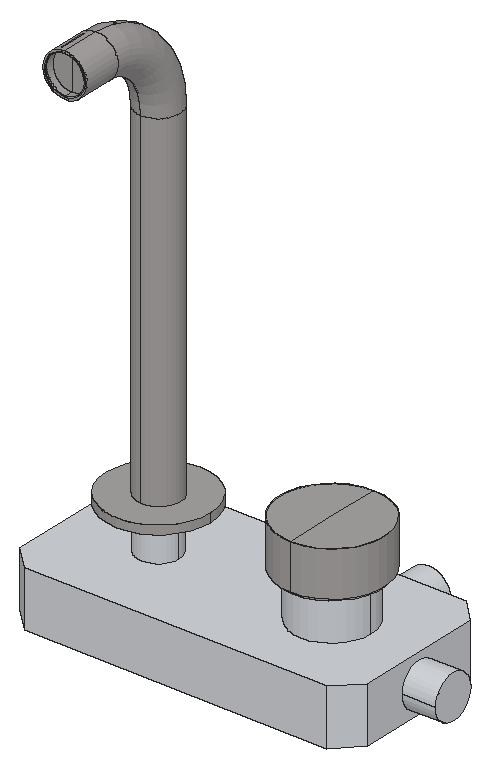
Revit family "Reece_Tap_Milli_Pure_Bath Mixer System_250 mm Reach_Linear Texture", category Plumbing Fixtures, host Face, Revit 2018
Family settings
  Host = Face
  Round Connector Dimension = Use Diameter
  Part Type = Normal
  Cut with Voids When Loaded = No
  Shared = Yes
  Room Calculation Point = Yes
Parameters (values of type "Brushed Gunmetal")
  WFU = 0  # constant formula
  URL = "https://www.reece.com.au/product/-2224696"
  Type Comments = "Tap"
  Reece_Tap_Reach = 250 mm  # constant formula
  Reece_Tap_Inlet = 25 mm  # constant formula
  Reece_Product_Web Page = "https://www.reece.com.au/product/-2224696"
  Reece_Product_Type = "Tap"  # constant formula
  Reece_Product_Sub Brand = "Pure"  # constant formula
  Reece_Product_Number = "2224696"
  Reece_Product_Mount = "Wall Mounted"
  Reece_Product_Description = "Milli Pure Progressive Wall Bath Mixer Tap System 250mm with Linear Textured Handle Brushed Gunmetal"
  Reece_Product_Brand = "Milli"  # constant formula
  Reece_Overall_Length = 262.5 mm  # constant formula
  Reece_Material_Secondary = Reece_Brass_Brushed Gunmetal_Linear Pattern
  Reece_Material_Main = Reece_Brass_Brushed Gunmetal
  Reece_Detail_Tap_Handle Texture = "Linear Texture"  # constant formula
  Reece_Detail_Installation = ""
  Reece_Detail_Disclaimer = "THIS FILE IS THE PROPERTY OF THE REECE GROUP. IT MAY NOT BE REPRODUCED, REVERSE-ENGINEERED OR MODIFIED. ANY REPUBLICATION, TRANSMISSION OR DISTRIBUTION FOR THE PURPOSE OF COMMERCIALLY EXPLOITING THE FILES IS PROHIBITED."  # constant formula
  Reece_Detail_Connector = ""
  Reece_Detail_Additional = "Bath Mixer System"  # constant formula
  Reece_3D Texture = no
  Reece_3D Simplified Geometry = not(Reece_3D Texture)  # yes
  Model = "Pure"
  Manufacturer = "Milli"
  Keynote = "Product #2224696, Reece_Tap_Milli_Pure_Bath Mixer System_250 mm Reach_Linear Texture - Brushed Gunmetal"
  HWFU = 0  # constant formula
  Disclaimer = "THIS FILE IS THE PROPERTY OF THE REECE GROUP. IT MAY NOT BE REPRODUCED, REVERSE-ENGINEERED OR MODIFIED. ANY REPUBLICATION, TRANSMISSION OR DISTRIBUTION FOR THE PURPOSE OF COMMERCIALLY EXPLOITING THE FILES IS PROHIBITED."  # constant formula
  Description = "Milli Pure Progressive Wall Bath Mixer System 250mm with Linear Textured Handle Brushed Gunmetal"
  Default Elevation = 1000 mm
  CWFU = 0  # constant formula
Types (6, lengths in mm): name | URL | Reece_Product_Web Page | Reece_Product_Number | Reece_Product_Description | Reece_Material_Secondary | Reece_Material_Main | Keynote | Description
  Brushed Gunmetal | "https://www.reece.com.au/product/-2224696" | "https://www.reece.com.au/product/-2224696" | "2224696" | "Milli Pure Progressive Wall Bath Mixer Tap System 250mm with Linear Textured Handle Brushed Gunmetal" | Reece_Brass_Brushed Gunmetal_Linear Pattern | Reece_Brass_Brushed Gunmetal | "Product #2224696, Reece_Tap_Milli_Pure_Bath Mixer System_250 mm Reach_Linear Texture - Brushed Gunmetal" | "Milli Pure Progressive Wall Bath Mixer System 250mm with Linear Textured Handle Brushed Gunmetal"
  Brushed Nickel | "https://www.reece.com.au/product/-2224695" | "https://www.reece.com.au/product/-2224695" | "2224695" | "Milli Pure Progressive Wall Bath Mixer Tap System 250mm with Linear Textured Handle Brushed Nickel" | Reece_Brass_Brushed Nickel_Linear Pattern | Reece_Brass_Brushed Nickel | "Product #2224695, Reece_Tap_Milli_Pure_Bath Mixer System_250 mm Reach_Linear Texture - Brushed Nickel" | "Milli Pure Progressive Wall Bath Mixer System 250mm with Linear Textured Handle Brushed Nickel"
  Chrome | "https://www.reece.com.au/product/-2224694" | "https://www.reece.com.au/product/-2224694" | "2224694" | "Milli Pure Progressive Wall Bath Mixer Tap System 250mm with Linear Textured Handle Chrome" | Reece_Brass_Chrome_Linear Pattern | Reece_Brass_Chrome | "Product #2224694, Reece_Tap_Milli_Pure_Bath Mixer System_250 mm Reach_Linear Texture - Chrome" | "Milli Pure Progressive Wall Bath Mixer System 250mm with Linear Textured Handle Chrome"
  Matte Black | "https://www.reece.com.au/product/-2224697" | "https://www.reece.com.au/product/-2224697" | "2224697" | "Milli Pure Progressive Wall Bath Mixer Tap System 250mm with Linear Textured Handle Matte Black" | Reece_Brass_Matte Black_Linear Pattern | Reece_Brass_Matte Black | "Product #2224697, Reece_Tap_Milli_Pure_Bath Mixer System_250 mm Reach_Linear Texture - Matte Black" | "Milli Pure Progressive Wall Bath Mixer System 250mm with Linear Textured Handle Matte Black"
  PVD Brushed Bronze | "https://www.reece.com.au/product/-9511026" | "https://www.reece.com.au/product/-9511026" | "9511026" | "Milli Pure Progressive Wall Bath Mixer System 250mm with Linear Textured Handle PVD Brushed Bronze" | Reece_PVD_Brushed Bronze_Linear Pattern | Reece_PVD_Brushed Bronze | "Product #9511026, Reece_Tap_Milli_Pure_Bath Mixer System_250 mm Reach_Linear Texture - PVD Brushed Bronze" | "Milli Pure Progressive Wall Bath Mixer System 250mm with Linear Textured Handle PVD Brushed Bronze"
  PVD Brushed Gold | "https://www.reece.com.au/product/-9510841" | "https://www.reece.com.au/product/-9510841" | "9510841" | "Milli Pure Progressive Wall Bath Mixer System 250mm with Linear Textured Handle PVD Brushed Gold" | Reece_PVD_Brushed Gold_Linear Pattern | Reece_PVD_Brushed Gold | "Product #9510841, Reece_Tap_Milli_Pure_Bath Mixer System_250 mm Reach_Linear Texture - PVD Brushed Gold" | "Milli Pure Progressive Wall Bath Mixer System 250mm with Linear Textured Handle PVD Brushed Gold"
Reference planes
  plane 1 "Center (Front/Back)": y = 0
  plane 2 "Bottom": z = 0
  plane 3 "Center (Left/Right)": x = 0
  plane 4 "Top": z = 262.5
  plane 5: z = 250
  plane 6: x = -50
  plane 7: x = 50
  plane 8 "Center L/U": z = 237.5
  plane 9: y = -67.454
  plane 10: y = 12.5
Forms (mm)
  Extrusion 1, solid, material "Reece_Brass_Brushed Gunmetal" <- "Reece_Material_Main"
    sketch origin (-50, 0, 0) x (1, 0, 0) y (0, 1, 0)
      loop
        circle (0, 0) r 30
      loop
        circle (0, 0) r 12.5
    from 0 to 5
  Extrusion 2, solid
    sketch origin (0, 0, 0) x (1, 0, 0) y (0, 1, 0)
      loop
        line (-87, 50) -> (-100, 37) -> (-100, -37) -> (-87, -50) -> (87, -50) -> (100, -37) -> (100, 37) -> (87, 50) -> (-87, 50)
    from -57 to -25
  Extrusion 3, void
    sketch origin (0, 0, 0) x (1, 0, 0) y (0, 1, 0)
      loop
        circle (50, 0) r 26
      loop
        circle (-50, 0) r 13
    from -25 to 0
  Extrusion 4, solid
    sketch origin (0, 0, 0) x (1, 0, 0) y (0, 1, 0)
      loop
        circle (50, 0) r 22.5
    from -25 to 0
  Extrusion 5, solid
    sketch origin (0, 0, 0) x (1, 0, 0) y (0, 1, 0)
      loop
        circle (-50, 0) r 12
    from -25 to 0
  Extrusion 6, solid
    sketch origin (-0.101, 0.084, 0) x (0.999999, -0.001684, 0) y (0, 0, -1)
      loop
        circle (50, 41) r 12.5
    from 50 to 69.637
  Extrusion 7, solid
    sketch origin (50.105, -50.084, 0) x (-0.001684, 0.999999, 0) y (0, 0, 1)
      loop
        circle (50, -41) r 12.5
    from 50 to 69.637
  Revolve 8, solid, material "Reece_Brass_Brushed Gunmetal" <- "Reece_Material_Main"
    sketch origin (-50.065, -0.423, 91.172) x (0, 1, 0) y (0, 0, 1)
      loop
        line (-66.132, 169.728) -> (-62.132, 169.728) -> (-62.132, 158.828) -> (-59.932, 158.828) -> (-59.932, 170.328) -> (-67.032, 170.328) -> (-66.132, 169.728)
      axis (-67.032, 158.828) -> (-59.932, 158.828)
    angle from 0 to 360
  Sweep 9, solid, material "Reece_Brass_Brushed Gunmetal" <- "Reece_Material_Main"
    path origin (0, 0, 0) x (0, 1, 0) y (0, 0, 1)
      loop
        line (-67.454, 250) -> (-45, 250)
        arc (-45, 250) -> (-13.18, 236.82) -> (0, 205) r 45
        line (0, 205) -> (0, 0)
    profile origin (0, -56.227, 250) x (0, 0, 1) y (1, 0, 0)
      loop
        circle (0, -50) r 12.5
      loop
        circle (0, -50) r 11.5
Cuts and joins
  Extrusion 3 cuts Extrusion 1
  joined: Extrusion 2, Extrusion 6, Extrusion 7
Text (mm)
  text "Reece Copyright © 2018, Reece Ltd." at (-274.598, -174.701, 0), in view "Ref. Level"
  text "Reece ©" at (-9.077, 133.301, 120.157), in view "Reece Preview"
Dimensions and locks
  "Reece_Tap_Reach": plane 5 to plane 2 "Bottom"
  "Reece_Overall_Length": plane 4 "Top" to level
  plane 4 "Top" to plane 8 "Center L/U" = 25 mm
  plane 8 "Center L/U" to plane 4 "Top" = 25 mm
  plane 7 to plane 6 = 100 mm  (x2)
  plane 9 to plane 1 "Center (Front/Back)" = 67.454 mm
  plane 9 to plane 10 = 79.954 mm
  plane 6 to plane 7 = 100 mm
  aligned and locked: plane 2 "Bottom" to host face
  aligned and locked: level to host face
  aligned and locked: level to Extrusion 3
  aligned and locked: Extrusion 3 to Extrusion 4
  aligned and locked: Extrusion 2 to Extrusion 4
Automatic sketch dimensions
  host sketch curve to host sketch curve = 380.785 mm
  host sketch curve to host sketch curve = 317.421 mm
  Extrusion 1 sketch curve to Extrusion 1 sketch curve = 0 mm  (x6)
  plane 1 "Center (Front/Back)" to Extrusion 1 sketch curve = 0 mm
  Extrusion 1 sketch curve to plane 6 = 0 mm
  Extrusion 1 sketch curve to plane 6 = 12.5 mm
  Extrusion 2 sketch curve to plane 6 = 50 mm
  Extrusion 2 sketch curve to Extrusion 2 sketch curve = 13 mm  (x6)
  Extrusion 2 sketch curve to plane 7 = 37 mm  (x2)
  plane 1 "Center (Front/Back)" to Extrusion 2 sketch curve = 50 mm
  Extrusion 2 sketch curve to plane 1 "Center (Front/Back)" = 37 mm  (x2)
  plane 1 "Center (Front/Back)" to Extrusion 3 sketch curve = 0 mm  (x2)
  Extrusion 3 sketch curve to plane 6 = 0 mm
  Extrusion 3 sketch curve to plane 7 = 0 mm
  plane 1 "Center (Front/Back)" to Extrusion 4 sketch curve = 0 mm
  Extrusion 4 sketch curve to plane 7 = 0 mm
  plane 1 "Center (Front/Back)" to Extrusion 5 sketch curve = 0 mm
  Extrusion 5 sketch curve to plane 6 = 0 mm
  plane 5 to Revolve 8 sketch curve = 0 mm  (x2)
  plane 1 "Center (Front/Back)" to Revolve 8 sketch curve = 62.554 mm
  Revolve 8 sketch curve to Revolve 8 sketch curve = 2.2 mm
  Revolve 8 sketch curve to plane 4 "Top" = 1.6 mm
  Revolve 8 sketch curve to plane 4 "Top" = 1 mm
  Revolve 8 sketch curve to Revolve 8 sketch curve = 4 mm
  Revolve 8 sketch curve to Revolve 8 sketch curve = 0.9 mm
  Revolve 8 sketch curve to Revolve 8 sketch curve = 4.9 mm
  Revolve 8 sketch curve to Revolve 8 sketch curve = 2.289 mm
  Sweep 9 sketch curve to Sweep 9 sketch curve = 22.454 mm
  Sweep 9 sketch curve to Sweep 9 sketch curve = 0 mm  (x2)
  profile plane to Sweep 9 sketch curve = 0 mm
  Sweep 9 sketch curve to plane 3 "Center (Left/Right)" = 50 mm
  Sweep 9 sketch curve to plane 5 = 0 mm
  Sweep 9 sketch curve to plane 1 "Center (Front/Back)" = 0 mm
  Sweep 9 sketch curve to level = 0 mm
  plane 1 "Center (Front/Back)" to Sweep 9 sketch curve = 45 mm
  Extrusion 6 sketch curve to level = 41 mm
  Extrusion 7 sketch curve to level = 41 mm
  radius of Extrusion 1 sketch curve = 30 mm
  radius of Extrusion 3 sketch curve = 26 mm
  radius of Extrusion 3 sketch curve = 13 mm
  radius of Extrusion 4 sketch curve = 22.5 mm
  radius of Extrusion 5 sketch curve = 12 mm
  radius of Extrusion 6 sketch curve = 12.5 mm
  radius of Extrusion 7 sketch curve = 12.5 mm
  radius of Sweep 9 sketch curve = 12.5 mm
  radius of Sweep 9 sketch curve = 11.5 mm
Nested families
  nested 1: "Reece_Tap_Milli_Pure_Diverter_Texture_Main_Nested" at (50, 0, 0), visible <- "Reece_3D Simplified Geometry", Reece_Material_Main <- "Reece_Material_Main", Reece_Material_Secondary <- "Reece_Material_Secondary", type "60mm x 28mm"
    with Reece_Material_Secondary Reece_Brass_Brushed Gunmetal_Linear Pattern, Reece_Material_Main Reece_Brass_Brushed Gunmetal
  nested 2: "Reece_Tap_Milli_Pure_Diverter_Linear Texture_Cap_60mm" at (50, 0, 0), visible <- "Reece_3D Texture", Reece_Material_Main <- "Reece_Material_Main", Reece_Material_Secondary <- "Reece_Material_Secondary", type "60mm x 28mm"
    with Reece_Material_Secondary Reece_Brass_Brushed Gunmetal_Linear Pattern, Reece_Material_Main Reece_Brass_Brushed Gunmetal
Connectors
  piping at (50.017, 69.637, -41), diameter 25, driven by "Reece_Tap_Inlet"
    settings: on Extrusion 6, index 1, connector inside diameter 609.6 mm, connector length 0 mm, flow factor 0, pipe flow 0.0 L/s, pressure drop 0.0 Pa, fitting loss kfactor 0, connector angle 0.00°, fixture units 0, engagement length 0 mm, angle of deflection 0.00°, flow configuration 0, flow direction 1, fitting loss method 0, system type 29, joint type 0, gender type 0, connector reference index -1, connector utility 0, adjustable connector no, is connector primary yes, connector description ""
  piping at (119.658, 0.033, -41), diameter 25, driven by "Reece_Tap_Inlet"
    settings: on Extrusion 7, index 2, connector inside diameter 609.6 mm, connector length 0 mm, flow factor 0, pipe flow 0.0 L/s, pressure drop 0.0 Pa, fitting loss kfactor 0, connector angle 0.00°, fixture units 0, engagement length 0 mm, angle of deflection 0.00°, flow configuration 0, flow direction 1, fitting loss method 0, system type 29, joint type 0, gender type 0, connector reference index -1, connector utility 0, adjustable connector no, is connector primary no, connector description ""
Definition of nested family "Reece_Tap_Milli_Pure_Diverter_Texture_Main_Nested"
  Parameters (values of type "54mm x 30mm")
    WFU = 0  # constant formula
    Reece_Overall_Width = 54 mm
    Reece_Overall_Height = 30 mm
    Reece_Material_Secondary [instance] = none
    Reece_Material_Main [instance] = none
    Reece_Detail_Installation = ""
    Reece_Detail_Connector = ""
    Reece_Detail_Additional = ""
    HWFU = 0  # constant formula
    Default Elevation = 1000 mm
    CWFU = 0  # constant formula
  Types (3, lengths in mm): name | Reece_Overall_Width | Reece_Overall_Height
    62mm x 30mm | 62 | 30
    60mm x 28mm | 60 | 28
    54mm x 30mm | 54 | 30
  Reference planes
    plane 1 "Center (Front/Back)": y = 0
    plane 2 "Bottom": z = 0
    plane 3 "Center (Left/Right)": x = 0
    plane 4: y = -27
    plane 5: y = 27
    plane 6: z = 30
    plane 7: y = -25
    plane 8: y = 25
    plane 9: z = 16
    plane 10: z = 2
  Forms (mm)
    Extrusion 1, solid
      sketch origin (619.2, -619.2, 0) x (1, 0, 0) y (0, 1, 0)
        loop
          line (-809.2, 779.2) -> (-809.2, 461.779) -> (-428.415, 461.779) -> (-428.415, 779.2) -> (-809.2, 779.2)
      from 0 to -9.564
    Revolve 2, solid, material <- "Reece_Material_Secondary"
      sketch origin (0, 50, 0) x (0, -1, 0) y (0, 0, 1)
        loop
          line (50, 0) -> (75, 0) -> (75, 2) -> (77, 2) -> (77, 30) -> (75, 28) -> (50, 28) -> (50, 0)
        axis (50, 0) -> (50, 30)
      angle from 0 to 360
    Revolve 3, solid, material <- "Reece_Material_Main"
      sketch origin (0, 50, 0) x (0, -1, 0) y (0, 0, 1)
        loop
          line (77, 30) -> (50, 30) -> (50, 28) -> (75, 28) -> (77, 30)
        axis (50, 28) -> (50, 30)
      angle from 0 to 360
  Text (mm)
    text "Reece Copyright © 2018, Reece Ltd." at (-1403.988, -1192.393, 0), in view "Ref. Level"
    text "Reece ©" at (44.384, 258.95, 192.345), in view "Reece Preview"
  Dimensions and locks
    equal spacing: plane 5, plane 1 "Center (Front/Back)", plane 4
    "Reece_Overall_Width": plane 5 to plane 4
    "Reece_Overall_Height": plane 6 to plane 2 "Bottom"
    locked: plane 7 to plane 4 at 2
    locked: plane 5 to plane 8 at 2
    equal spacing: plane 6, plane 9, plane 10
    locked: plane 10 to plane 2 "Bottom" at 2
    aligned and locked: plane 2 "Bottom" to Extrusion 1
    aligned and locked: level to Extrusion 1
    aligned and locked: plane 7 to Revolve 2 sketch curve
  Automatic sketch dimensions
    Extrusion 1 sketch curve to Extrusion 1 sketch curve = 380.785 mm
    Extrusion 1 sketch curve to Extrusion 1 sketch curve = 317.421 mm
    Revolve 2 sketch curve to plane 1 "Center (Front/Back)" = 0 mm  (x2)
    Revolve 2 sketch curve to level = 0 mm
    Revolve 2 sketch curve to plane 7 = 0 mm
    Revolve 2 sketch curve to plane 4 = 0 mm
    Revolve 2 sketch curve to plane 6 = 0 mm  (x2)
    level to Revolve 2 sketch curve = 2 mm
    Revolve 2 sketch curve to plane 6 = 2 mm
    Revolve 2 sketch curve to Revolve 2 sketch curve = 10 mm
    Revolve 3 sketch curve to plane 1 "Center (Front/Back)" = 0 mm  (x2)
    Revolve 3 sketch curve to plane 7 = 0 mm
    Revolve 3 sketch curve to plane 4 = 0 mm
    Revolve 3 sketch curve to plane 6 = 0 mm  (x2)
    Revolve 3 sketch curve to plane 6 = 2 mm
    Revolve 3 sketch curve to Revolve 3 sketch curve = 10 mm
Definition of nested family "Reece_Tap_Milli_Pure_Diverter_Linear Texture_Cap_60mm"
  Parameters (values of type "60mm x 28mm")
    WFU = 0  # constant formula
    Reece_Tap_Inlet = 0 mm
    Reece_Overall_Length = 60 mm
    Reece_Overall_Height = 28 mm
    Reece_Material_Secondary [instance] = none
    Reece_Material_Main [instance] = none
    Reece_Detail_Installation = ""
    Reece_Detail_Connector = ""
    Reece_Detail_Additional = ""
    HWFU = 0  # constant formula
    Default Elevation = 1000 mm
    CWFU = 0  # constant formula
  Reference planes
    plane 1 "Center (Front/Back)": y = 0
    plane 2 "Bottom": z = 0
    plane 3 "Center (Left/Right)": x = 0
    plane 4: z = 28
    plane 5: y = -30
    plane 6: y = 30
  Forms (mm)
    Extrusion 1, solid
      sketch origin (619.2, -619.2, 0) x (1, 0, 0) y (0, 1, 0)
        loop
          line (-809.2, 779.2) -> (-809.2, 461.779) -> (-428.415, 461.779) -> (-428.415, 779.2) -> (-809.2, 779.2)
      from 0 to -9.564
    Revolve 2, solid, material <- "Reece_Material_Main"
      sketch origin (0, 0, -140.292) x (0, 1, 0) y (0, 0, 1)
        loop
          line (0, 148.292) -> (-30, 148.292) -> (-30, 142.292) -> (-27.915, 142.292) -> (-27.915, 140.292) -> (-25.915, 140.292) -> (-25.915, 144.803) -> (0, 144.803) -> (0, 148.292)
        axis (0, 140.292) -> (0, 148.292)
      angle from 0 to 360
    Extrusion 3, solid, material <- "Reece_Material_Main"
      sketch origin (300, 0, 0) x (1, 0, 0) y (0, 1, 0)
        loop
          arc (-296.155, 28.799) -> (-297.018, 29.853) -> (-298.073, 28.991) r 0.964
          arc (-298.073, 28.991) -> (-298.726, 29.95) -> (-299.664, 29.266) r 0.808
          arc (-299.664, 29.266) -> (-300.6, 29.978) -> (-301.291, 29.026) r 0.823
          arc (-301.291, 29.026) -> (-302.327, 29.911) -> (-303.213, 28.877) r 0.964
          arc (-303.213, 28.877) -> (-304.305, 29.691) -> (-305.121, 28.6) r 0.964
          arc (-305.121, 28.6) -> (-306.265, 29.34) -> (-307.007, 28.197) r 0.964
          arc (-307.007, 28.197) -> (-308.197, 28.86) -> (-308.861, 27.671) r 0.964
          arc (-308.861, 27.671) -> (-310.093, 28.253) -> (-310.677, 27.022) r 0.964
          arc (-310.677, 27.022) -> (-311.945, 27.522) -> (-312.445, 26.254) r 0.964
          arc (-312.445, 26.254) -> (-313.743, 26.669) -> (-314.159, 25.371) r 0.964
          arc (-314.159, 25.371) -> (-315.482, 25.699) -> (-315.811, 24.376) r 0.964
          arc (-315.811, 24.376) -> (-317.152, 24.615) -> (-317.393, 23.274) r 0.964
          arc (-317.393, 23.274) -> (-318.747, 23.423) -> (-318.898, 22.069) r 0.964
          arc (-318.898, 22.069) -> (-320.259, 22.129) -> (-320.32, 20.767) r 0.964
          arc (-320.32, 20.767) -> (-321.682, 20.736) -> (-321.652, 19.374) r 0.964
          arc (-321.652, 19.374) -> (-323.01, 19.253) -> (-322.89, 17.895) r 0.964
          arc (-322.89, 17.895) -> (-324.236, 17.684) -> (-324.026, 16.338) r 0.964
          arc (-324.026, 16.338) -> (-325.355, 16.038) -> (-325.057, 14.708) r 0.964
          arc (-325.057, 14.708) -> (-326.363, 14.321) -> (-325.977, 13.014) r 0.964
          arc (-325.977, 13.014) -> (-327.255, 12.541) -> (-326.783, 11.263) r 0.964
          arc (-326.783, 11.263) -> (-328.027, 10.706) -> (-327.471, 9.462) r 0.964
          arc (-327.471, 9.462) -> (-328.675, 8.824) -> (-328.038, 7.619) r 0.964
          arc (-328.038, 7.619) -> (-329.197, 6.902) -> (-328.482, 5.743) r 0.964
          arc (-328.482, 5.743) -> (-329.59, 4.951) -> (-328.8, 3.841) r 0.964
          arc (-328.8, 3.841) -> (-329.854, 2.978) -> (-328.991, 1.923) r 0.964
          arc (-328.991, 1.923) -> (-329.985, 0.991) -> (-329.055, -0.004) r 0.964
          arc (-329.055, -0.004) -> (-329.985, -1) -> (-328.991, -1.931) r 0.964
          arc (-328.991, -1.931) -> (-329.853, -2.986) -> (-328.799, -3.85) r 0.964
          arc (-328.799, -3.85) -> (-329.589, -4.96) -> (-328.48, -5.751) r 0.964
          arc (-328.48, -5.751) -> (-329.195, -6.911) -> (-328.036, -7.627) r 0.964
          arc (-328.036, -7.627) -> (-328.672, -8.832) -> (-327.468, -9.47) r 0.964
          arc (-327.468, -9.47) -> (-328.023, -10.714) -> (-326.78, -11.271) r 0.964
          arc (-326.78, -11.271) -> (-327.251, -12.549) -> (-325.973, -13.022) r 0.964
          arc (-325.973, -13.022) -> (-326.359, -14.329) -> (-325.052, -14.716) r 0.964
          arc (-325.052, -14.716) -> (-325.351, -16.045) -> (-324.021, -16.345) r 0.964
          arc (-324.021, -16.345) -> (-324.231, -17.691) -> (-322.884, -17.902) r 0.964
          arc (-322.884, -17.902) -> (-323.004, -19.259) -> (-321.647, -19.38) r 0.964
          arc (-321.647, -19.38) -> (-321.676, -20.743) -> (-320.314, -20.773) r 0.964
          arc (-320.314, -20.773) -> (-320.253, -22.135) -> (-318.891, -22.075) r 0.964
          arc (-318.891, -22.075) -> (-318.74, -23.429) -> (-317.386, -23.279) r 0.964
          arc (-317.386, -23.279) -> (-317.145, -24.62) -> (-315.804, -24.381) r 0.964
          arc (-315.804, -24.381) -> (-315.474, -25.703) -> (-314.152, -25.375) r 0.964
          arc (-314.152, -25.375) -> (-313.736, -26.673) -> (-312.438, -26.258) r 0.964
          arc (-312.438, -26.258) -> (-311.936, -27.525) -> (-310.669, -27.025) r 0.964
          arc (-310.669, -27.025) -> (-310.085, -28.256) -> (-308.853, -27.673) r 0.964
          arc (-308.853, -27.673) -> (-308.189, -28.863) -> (-306.998, -28.199) r 0.964
          arc (-306.998, -28.199) -> (-306.256, -29.342) -> (-305.113, -28.601) r 0.964
          arc (-305.113, -28.601) -> (-304.297, -29.693) -> (-303.205, -28.878) r 0.964
          arc (-303.205, -28.878) -> (-302.318, -29.912) -> (-301.282, -29.026) r 0.964
          arc (-301.282, -29.026) -> (-300.329, -30) -> (-299.354, -29.048) r 0.964
          arc (-299.354, -29.048) -> (-298.339, -29.956) -> (-297.429, -28.941) r 0.964
          arc (-297.429, -28.941) -> (-296.356, -29.78) -> (-295.516, -28.707) r 0.964
          arc (-295.516, -28.707) -> (-294.389, -29.472) -> (-293.622, -28.346) r 0.964
          arc (-293.622, -28.346) -> (-292.446, -29.035) -> (-291.756, -27.861) r 0.964
          arc (-291.756, -27.861) -> (-290.537, -28.47) -> (-289.926, -27.252) r 0.964
          arc (-289.926, -27.252) -> (-288.67, -27.78) -> (-288.141, -26.524) r 0.964
          arc (-288.141, -26.524) -> (-286.852, -26.968) -> (-286.408, -25.679) r 0.964
          arc (-286.408, -25.679) -> (-285.093, -26.036) -> (-284.735, -24.722) r 0.964
          arc (-284.735, -24.722) -> (-283.399, -24.99) -> (-283.129, -23.655) r 0.964
          arc (-283.129, -23.655) -> (-281.778, -23.834) -> (-281.597, -22.484) r 0.964
          arc (-281.597, -22.484) -> (-280.238, -22.573) -> (-280.147, -21.214) r 0.964
          arc (-280.147, -21.214) -> (-278.784, -21.213) -> (-278.783, -19.85) r 0.964
          arc (-278.783, -19.85) -> (-277.424, -19.759) -> (-277.514, -18.399) r 0.964
          arc (-277.514, -18.399) -> (-276.163, -18.218) -> (-276.343, -16.868) r 0.964
          arc (-276.343, -16.868) -> (-275.007, -16.597) -> (-275.276, -15.262) r 0.964
          arc (-275.276, -15.262) -> (-273.962, -14.903) -> (-274.319, -13.588) r 0.964
          arc (-274.319, -13.588) -> (-273.03, -13.144) -> (-273.474, -11.855) r 0.964
          arc (-273.474, -11.855) -> (-272.218, -11.326) -> (-272.746, -10.07) r 0.964
          arc (-272.746, -10.07) -> (-271.528, -9.459) -> (-272.138, -8.24) r 0.964
          arc (-272.138, -8.24) -> (-270.964, -7.549) -> (-271.653, -6.374) r 0.964
          arc (-271.653, -6.374) -> (-270.527, -5.607) -> (-271.293, -4.48) r 0.964
          arc (-271.293, -4.48) -> (-270.22, -3.64) -> (-271.059, -2.566) r 0.964
          arc (-271.059, -2.566) -> (-270.044, -1.657) -> (-270.952, -0.641) r 0.964
          arc (-270.952, -0.641) -> (-270, 0.333) -> (-270.974, 1.287) r 0.964
          arc (-270.974, 1.287) -> (-270.088, 2.322) -> (-271.123, 3.209) r 0.964
          arc (-271.123, 3.209) -> (-270.308, 4.301) -> (-271.399, 5.117) r 0.964
          arc (-271.399, 5.117) -> (-270.659, 6.261) -> (-271.802, 7.002) r 0.964
          arc (-271.802, 7.002) -> (-271.138, 8.193) -> (-272.328, 8.857) r 0.964
          arc (-272.328, 8.857) -> (-271.745, 10.089) -> (-272.977, 10.673) r 0.964
          arc (-272.977, 10.673) -> (-272.477, 11.941) -> (-273.744, 12.442) r 0.964
          arc (-273.744, 12.442) -> (-273.329, 13.74) -> (-274.627, 14.156) r 0.964
          arc (-274.627, 14.156) -> (-274.299, 15.478) -> (-275.621, 15.807) r 0.964
          arc (-275.621, 15.807) -> (-275.382, 17.149) -> (-276.723, 17.389) r 0.964
          arc (-276.723, 17.389) -> (-276.574, 18.744) -> (-277.928, 18.895) r 0.964
          arc (-277.928, 18.895) -> (-277.868, 20.256) -> (-279.23, 20.317) r 0.964
          arc (-279.23, 20.317) -> (-279.261, 21.679) -> (-280.623, 21.65) r 0.964
          arc (-280.623, 21.65) -> (-280.744, 23.007) -> (-282.101, 22.887) r 0.964
          arc (-282.101, 22.887) -> (-282.312, 24.233) -> (-283.659, 24.024) r 0.964
          arc (-283.659, 24.024) -> (-283.958, 25.353) -> (-285.288, 25.055) r 0.964
          arc (-285.288, 25.055) -> (-285.675, 26.361) -> (-286.982, 25.975) r 0.964
          arc (-286.982, 25.975) -> (-287.455, 27.253) -> (-288.733, 26.781) r 0.964
          arc (-288.733, 26.781) -> (-289.29, 28.025) -> (-290.534, 27.47) r 0.964
          arc (-290.534, 27.47) -> (-291.172, 28.674) -> (-292.377, 28.037) r 0.964
          arc (-292.377, 28.037) -> (-293.093, 29.196) -> (-294.253, 28.481) r 0.964
          arc (-294.253, 28.481) -> (-295.045, 29.59) -> (-296.155, 28.799) r 0.964
      from 8 to 28
  Text (mm)
    text "Reece Copyright © 2018, Reece Ltd." at (-1403.988, -1192.393, 0), in view "Ref. Level"
    text "Reece ©" at (44.384, 258.95, 192.345), in view "Reece Preview"
  Dimensions and locks
    "Reece_Overall_Height": plane 4 to plane 2 "Bottom"
    "Reece_Overall_Length": plane 5 to plane 6
    equal spacing: plane 6, plane 1 "Center (Front/Back)", plane 5
    aligned and locked: plane 2 "Bottom" to Extrusion 1
    aligned and locked: level to Extrusion 1
    aligned and locked: plane 4 to Extrusion 3
  Automatic sketch dimensions
    Extrusion 1 sketch curve to Extrusion 1 sketch curve = 380.785 mm
    Extrusion 1 sketch curve to Extrusion 1 sketch curve = 317.421 mm
    level to Revolve 2 sketch curve = 0 mm
    Revolve 2 sketch curve to plane 1 "Center (Front/Back)" = 0 mm  (x2)
    level to Revolve 2 sketch curve = 2 mm
    level to Revolve 2 sketch curve = 4.511 mm
    Revolve 2 sketch curve to Revolve 2 sketch curve = 3.489 mm
    plane 4 to Revolve 2 sketch curve = 17.996 mm
    Revolve 2 sketch curve to Revolve 2 sketch curve = 3.712 mm
    Revolve 2 sketch curve to plane 5 = 0 mm
    Extrusion 3 sketch curve to plane 1 "Center (Front/Back)" = 0.959 mm
    Extrusion 3 sketch curve to plane 3 "Center (Left/Right)" = 29.022 mm
    plane 1 "Center (Front/Back)" to Extrusion 3 sketch curve = 0.968 mm
    Extrusion 3 sketch curve to Extrusion 3 sketch curve = 0 mm
    Extrusion 3 sketch curve to Extrusion 3 sketch curve = 0.128 mm  (x2)
    Extrusion 3 sketch curve to Extrusion 3 sketch curve = 0.255 mm  (x2)
    Extrusion 3 sketch curve to Extrusion 3 sketch curve = 0.381 mm  (x2)
    Extrusion 3 sketch curve to Extrusion 3 sketch curve = 0.505 mm
    Extrusion 3 sketch curve to Extrusion 3 sketch curve = 0.506 mm
    Extrusion 3 sketch curve to Extrusion 3 sketch curve = 0.627 mm
    Extrusion 3 sketch curve to Extrusion 3 sketch curve = 0.628 mm  (x2)
    Extrusion 3 sketch curve to Extrusion 3 sketch curve = 0.747 mm  (x3)
    Extrusion 3 sketch curve to Extrusion 3 sketch curve = 0.863 mm  (x2)
    Extrusion 3 sketch curve to Extrusion 3 sketch curve = 0.864 mm
    Extrusion 3 sketch curve to Extrusion 3 sketch curve = 0.975 mm
    Extrusion 3 sketch curve to Extrusion 3 sketch curve = 0.976 mm  (x2)
    Extrusion 3 sketch curve to Extrusion 3 sketch curve = 1.084 mm  (x3)
    Extrusion 3 sketch curve to Extrusion 3 sketch curve = 1.187 mm  (x3)
    Extrusion 3 sketch curve to Extrusion 3 sketch curve = 1.285 mm  (x3)
    Extrusion 3 sketch curve to Extrusion 3 sketch curve = 1.377 mm  (x2)
    Extrusion 3 sketch curve to Extrusion 3 sketch curve = 1.378 mm
    Extrusion 3 sketch curve to Extrusion 3 sketch curve = 1.464 mm  (x3)
    Extrusion 3 sketch curve to Extrusion 3 sketch curve = 1.544 mm  (x3)
    Extrusion 3 sketch curve to Extrusion 3 sketch curve = 1.617 mm  (x3)
    Extrusion 3 sketch curve to Extrusion 3 sketch curve = 1.683 mm  (x3)
    Extrusion 3 sketch curve to Extrusion 3 sketch curve = 1.741 mm  (x3)
    Extrusion 3 sketch curve to Extrusion 3 sketch curve = 1.792 mm  (x3)
    Extrusion 3 sketch curve to Extrusion 3 sketch curve = 1.835 mm  (x3)
    Extrusion 3 sketch curve to Extrusion 3 sketch curve = 1.87 mm  (x3)
    Extrusion 3 sketch curve to Extrusion 3 sketch curve = 1.897 mm  (x3)
    Extrusion 3 sketch curve to Extrusion 3 sketch curve = 1.915 mm  (x3)
    Extrusion 3 sketch curve to plane 3 "Center (Left/Right)" = 0.48 mm
    Extrusion 3 sketch curve to plane 3 "Center (Left/Right)" = 0.318 mm
    plane 3 "Center (Left/Right)" to Extrusion 3 sketch curve = 1.136 mm
    plane 3 "Center (Left/Right)" to Extrusion 3 sketch curve = 1.608 mm
    Extrusion 3 sketch curve to Extrusion 3 sketch curve = 1.75 mm
    Extrusion 3 sketch curve to Extrusion 3 sketch curve = 1.919 mm  (x2)
    Extrusion 3 sketch curve to Extrusion 3 sketch curve = 1.91 mm  (x2)
    Extrusion 3 sketch curve to Extrusion 3 sketch curve = 1.904 mm  (x2)
    Extrusion 3 sketch curve to Extrusion 3 sketch curve = 1.889 mm  (x3)
    Extrusion 3 sketch curve to Extrusion 3 sketch curve = 1.88 mm  (x2)
    Extrusion 3 sketch curve to Extrusion 3 sketch curve = 1.859 mm  (x3)
    Extrusion 3 sketch curve to Extrusion 3 sketch curve = 1.848 mm  (x2)
    Extrusion 3 sketch curve to Extrusion 3 sketch curve = 1.822 mm  (x3)
    Extrusion 3 sketch curve to Extrusion 3 sketch curve = 1.807 mm  (x2)
    Extrusion 3 sketch curve to Extrusion 3 sketch curve = 1.776 mm  (x3)
    Extrusion 3 sketch curve to Extrusion 3 sketch curve = 1.759 mm  (x2)
    Extrusion 3 sketch curve to Extrusion 3 sketch curve = 1.723 mm  (x3)
    Extrusion 3 sketch curve to Extrusion 3 sketch curve = 1.703 mm  (x2)
    Extrusion 3 sketch curve to Extrusion 3 sketch curve = 1.662 mm  (x2)
    Extrusion 3 sketch curve to Extrusion 3 sketch curve = 1.639 mm
    Extrusion 3 sketch curve to Extrusion 3 sketch curve = 1.593 mm  (x3)
    Extrusion 3 sketch curve to Extrusion 3 sketch curve = 1.569 mm  (x2)
    Extrusion 3 sketch curve to Extrusion 3 sketch curve = 1.518 mm  (x3)
    Extrusion 3 sketch curve to Extrusion 3 sketch curve = 1.491 mm  (x2)
    Extrusion 3 sketch curve to Extrusion 3 sketch curve = 1.436 mm  (x3)
    Extrusion 3 sketch curve to Extrusion 3 sketch curve = 1.407 mm  (x2)
    Extrusion 3 sketch curve to Extrusion 3 sketch curve = 1.347 mm  (x2)
    Extrusion 3 sketch curve to Extrusion 3 sketch curve = 1.316 mm
    Extrusion 3 sketch curve to Extrusion 3 sketch curve = 1.253 mm  (x3)
    Extrusion 3 sketch curve to Extrusion 3 sketch curve = 1.22 mm  (x2)
    Extrusion 3 sketch curve to Extrusion 3 sketch curve = 1.153 mm  (x3)
    Extrusion 3 sketch curve to Extrusion 3 sketch curve = 1.119 mm  (x2)
    Extrusion 3 sketch curve to Extrusion 3 sketch curve = 1.048 mm  (x2)
    Extrusion 3 sketch curve to Extrusion 3 sketch curve = 1.012 mm  (x2)
    Extrusion 3 sketch curve to Extrusion 3 sketch curve = 0.939 mm  (x3)
    Extrusion 3 sketch curve to Extrusion 3 sketch curve = 0.901 mm  (x3)
    Extrusion 3 sketch curve to Extrusion 3 sketch curve = 0.825 mm  (x5)
    Extrusion 3 sketch curve to Extrusion 3 sketch curve = 0.786 mm  (x2)
    Extrusion 3 sketch curve to Extrusion 3 sketch curve = 0.708 mm  (x2)
    Extrusion 3 sketch curve to Extrusion 3 sketch curve = 0.668 mm  (x2)
    Extrusion 3 sketch curve to Extrusion 3 sketch curve = 0.587 mm
    Extrusion 3 sketch curve to Extrusion 3 sketch curve = 0.546 mm
    Extrusion 3 sketch curve to Extrusion 3 sketch curve = 0.464 mm
    Extrusion 3 sketch curve to Extrusion 3 sketch curve = 0.423 mm  (x2)
    Extrusion 3 sketch curve to Extrusion 3 sketch curve = 0.339 mm
    Extrusion 3 sketch curve to Extrusion 3 sketch curve = 0.297 mm
    Extrusion 3 sketch curve to Extrusion 3 sketch curve = 0.213 mm
    plane 1 "Center (Front/Back)" to Extrusion 3 sketch curve = 1.604 mm
    Extrusion 3 sketch curve to Extrusion 3 sketch curve = 0.17 mm
    Extrusion 3 sketch curve to plane 1 "Center (Front/Back)" = 0.323 mm
    Extrusion 3 sketch curve to Extrusion 3 sketch curve = 0.085 mm
    Extrusion 3 sketch curve to Extrusion 3 sketch curve = 1.317 mm
    Extrusion 3 sketch curve to Extrusion 3 sketch curve = 1.64 mm
    Extrusion 3 sketch curve to Extrusion 3 sketch curve = 1.661 mm
    Extrusion 3 sketch curve to Extrusion 3 sketch curve = 1.923 mm  (x2)
    Extrusion 3 sketch curve to Extrusion 3 sketch curve = 1.925 mm
    Extrusion 3 sketch curve to Extrusion 3 sketch curve = 1.348 mm
    Extrusion 3 sketch curve to Extrusion 3 sketch curve = 1.049 mm
    plane 1 "Center (Front/Back)" to Extrusion 3 sketch curve = 0.004 mm
    Extrusion 3 sketch curve to Extrusion 3 sketch curve = 0.033 mm
    Extrusion 3 sketch curve to Extrusion 3 sketch curve = 0.031 mm  (x2)
    Extrusion 3 sketch curve to Extrusion 3 sketch curve = 0.16 mm  (x2)
    Extrusion 3 sketch curve to Extrusion 3 sketch curve = 0.158 mm
    Extrusion 3 sketch curve to Extrusion 3 sketch curve = 0.223 mm
    Extrusion 3 sketch curve to Extrusion 3 sketch curve = 0.221 mm
    Extrusion 3 sketch curve to Extrusion 3 sketch curve = 0.285 mm
    Extrusion 3 sketch curve to Extrusion 3 sketch curve = 0.345 mm
    Extrusion 3 sketch curve to Extrusion 3 sketch curve = 0.283 mm
    Extrusion 3 sketch curve to Extrusion 3 sketch curve = 0.343 mm
    Extrusion 3 sketch curve to Extrusion 3 sketch curve = 0.404 mm
    Extrusion 3 sketch curve to Extrusion 3 sketch curve = 0.402 mm
    Extrusion 3 sketch curve to Extrusion 3 sketch curve = 0.461 mm
    Extrusion 3 sketch curve to Extrusion 3 sketch curve = 0.459 mm
    Extrusion 3 sketch curve to Extrusion 3 sketch curve = 0.516 mm
    Extrusion 3 sketch curve to Extrusion 3 sketch curve = 0.569 mm
    Extrusion 3 sketch curve to Extrusion 3 sketch curve = 0.515 mm
    Extrusion 3 sketch curve to Extrusion 3 sketch curve = 0.567 mm
    Extrusion 3 sketch curve to Extrusion 3 sketch curve = 0.568 mm
    Extrusion 3 sketch curve to Extrusion 3 sketch curve = 0.667 mm
    Extrusion 3 sketch curve to Extrusion 3 sketch curve = 0.618 mm
    Extrusion 3 sketch curve to Extrusion 3 sketch curve = 0.712 mm  (x2)
    Extrusion 3 sketch curve to Extrusion 3 sketch curve = 0.71 mm
    Extrusion 3 sketch curve to Extrusion 3 sketch curve = 0.711 mm
    Extrusion 3 sketch curve to Extrusion 3 sketch curve = 0.791 mm  (x2)
    Extrusion 3 sketch curve to Extrusion 3 sketch curve = 0.752 mm
    Extrusion 3 sketch curve to Extrusion 3 sketch curve = 0.826 mm  (x2)
    Extrusion 3 sketch curve to Extrusion 3 sketch curve = 0.885 mm  (x2)
    Extrusion 3 sketch curve to Extrusion 3 sketch curve = 0.908 mm  (x2)
    Extrusion 3 sketch curve to Extrusion 3 sketch curve = 0.907 mm
    Extrusion 3 sketch curve to Extrusion 3 sketch curve = 0.928 mm
    Extrusion 3 sketch curve to Extrusion 3 sketch curve = 0.914 mm
    Extrusion 3 sketch curve to Extrusion 3 sketch curve = 0.922 mm
    Extrusion 3 sketch curve to Extrusion 3 sketch curve = 0.915 mm
    Extrusion 3 sketch curve to Extrusion 3 sketch curve = 0.893 mm
    Extrusion 3 sketch curve to Extrusion 3 sketch curve = 0.847 mm
    Extrusion 3 sketch curve to Extrusion 3 sketch curve = 0.836 mm
    Extrusion 3 sketch curve to Extrusion 3 sketch curve = 0.814 mm
    Extrusion 3 sketch curve to Extrusion 3 sketch curve = 0.837 mm
    Extrusion 3 sketch curve to Extrusion 3 sketch curve = 0.815 mm
    Extrusion 3 sketch curve to Extrusion 3 sketch curve = 0.765 mm
    Extrusion 3 sketch curve to Extrusion 3 sketch curve = 0.739 mm
    Extrusion 3 sketch curve to Extrusion 3 sketch curve = 0.725 mm
    Extrusion 3 sketch curve to Extrusion 3 sketch curve = 0.696 mm
    Extrusion 3 sketch curve to Extrusion 3 sketch curve = 0.726 mm
    Extrusion 3 sketch curve to Extrusion 3 sketch curve = 0.65 mm
    Extrusion 3 sketch curve to Extrusion 3 sketch curve = 0.682 mm
    Extrusion 3 sketch curve to Extrusion 3 sketch curve = 0.601 mm
    Extrusion 3 sketch curve to Extrusion 3 sketch curve = 0.636 mm
    Extrusion 3 sketch curve to Extrusion 3 sketch curve = 0.603 mm
    Extrusion 3 sketch curve to Extrusion 3 sketch curve = 0.586 mm
    Extrusion 3 sketch curve to Extrusion 3 sketch curve = 0.497 mm
    Extrusion 3 sketch curve to Extrusion 3 sketch curve = 0.534 mm
    Extrusion 3 sketch curve to Extrusion 3 sketch curve = 0.441 mm
    Extrusion 3 sketch curve to Extrusion 3 sketch curve = 0.421 mm
    Extrusion 3 sketch curve to Extrusion 3 sketch curve = 0.442 mm
    Extrusion 3 sketch curve to Extrusion 3 sketch curve = 0.385 mm
    Extrusion 3 sketch curve to Extrusion 3 sketch curve = 0.365 mm
    Extrusion 3 sketch curve to Extrusion 3 sketch curve = 0.325 mm
    Extrusion 3 sketch curve to Extrusion 3 sketch curve = 0.242 mm
    Extrusion 3 sketch curve to Extrusion 3 sketch curve = 0.2 mm
    Extrusion 3 sketch curve to Extrusion 3 sketch curve = 0.244 mm
    Extrusion 3 sketch curve to Extrusion 3 sketch curve = 0.202 mm
    Extrusion 3 sketch curve to Extrusion 3 sketch curve = 0.181 mm
    Extrusion 3 sketch curve to Extrusion 3 sketch curve = 0.074 mm
    Extrusion 3 sketch curve to Extrusion 3 sketch curve = 0.118 mm
    Extrusion 3 sketch curve to Extrusion 3 sketch curve = 0.01 mm
    Extrusion 3 sketch curve to Extrusion 3 sketch curve = 0.323 mm
    Extrusion 3 sketch curve to Extrusion 3 sketch curve = 0.262 mm  (x2)
    plane 6 to Extrusion 3 sketch curve = 1.742 mm
    plane 6 to Extrusion 3 sketch curve = 1.602 mm
    plane 6 to Extrusion 3 sketch curve = 1.361 mm
    plane 6 to Extrusion 3 sketch curve = 1.263 mm
    plane 6 to Extrusion 3 sketch curve = 1.106 mm
    plane 6 to Extrusion 3 sketch curve = 1.05 mm
    plane 6 to Extrusion 3 sketch curve = 0.846 mm
    plane 6 to Extrusion 3 sketch curve = 0.836 mm
    Extrusion 3 sketch curve to Extrusion 3 sketch curve = 0.943 mm  (x3)
    Extrusion 3 sketch curve to Extrusion 3 sketch curve = 0.954 mm  (x3)
    Extrusion 3 sketch curve to Extrusion 3 sketch curve = 0.811 mm
    plane 3 "Center (Left/Right)" to Extrusion 3 sketch curve = 0.336 mm
    Extrusion 3 sketch curve to Extrusion 3 sketch curve = 0.951 mm  (x3)
    Extrusion 3 sketch curve to Extrusion 3 sketch curve = 0.938 mm
    plane 5 to Revolve 2 sketch curve = 2.085 mm
    Revolve 2 sketch curve to Revolve 2 sketch curve = 2 mm
    plane 5 to Extrusion 3 sketch curve = 1.898 mm
    plane 5 to Extrusion 3 sketch curve = 1.601 mm
    plane 5 to Extrusion 3 sketch curve = 1.475 mm
    plane 5 to Extrusion 3 sketch curve = 1.262 mm
    plane 5 to Extrusion 3 sketch curve = 1.177 mm
    plane 5 to Extrusion 3 sketch curve = 1.049 mm
    plane 5 to Extrusion 3 sketch curve = 1.007 mm
    plane 5 to Extrusion 3 sketch curve = 0.964 mm
    Extrusion 3 sketch curve to Extrusion 3 sketch curve = 0.964 mm
    plane 3 "Center (Left/Right)" to Extrusion 3 sketch curve = 0.646 mm
    Extrusion 3 sketch curve to Extrusion 3 sketch curve = 0.957 mm  (x2)
    Extrusion 3 sketch curve to Extrusion 3 sketch curve = 0.933 mm
